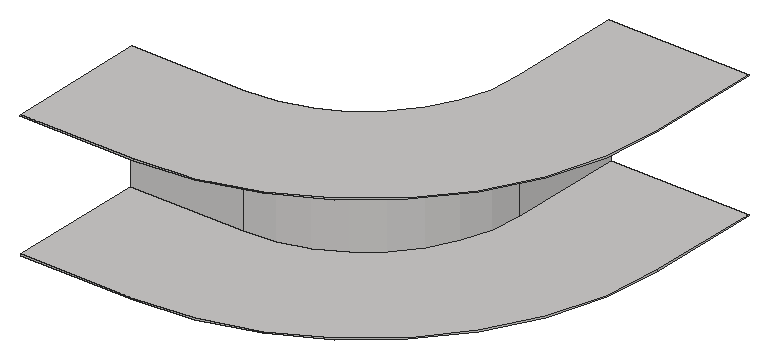
Revit family "S4R_OBO BETTERMANN_CableTray_Bend_Vertical_Outside_RBV F FT", category Cable Tray Fittings, Revit 2012
Parameters
  Wholesaler art.no. = ""
  Wholesaler = ""
  Watermarked By = "www.stabiplan.com"
  WIDTH2 [instance] = WIDTH1  # 100 mm
  WIDTH1 [instance] = 100 mm
  VERSION = "91900"  # constant formula
  URL = "www.stabiplan.com"
  built-in parameter 1140111 [instance] = 1 mm
  TYPE [instance] = "RBV F FT"  # constant formula
  StabiCAD_PM = ""
  Safe_Half_Height2 [instance] = if(not([built-in parameter 1140115] > Half_Height2), [built-in parameter 1140115] - 0.2 mm, Half_Height2)  # 55 mm
  Safe_Half_Height1 [instance] = if(not([built-in parameter 1140115] > Half_Height1), [built-in parameter 1140115] - 0.2 mm, Half_Height1)  # 55 mm
  Manufacturer = "OBO BETTERMANN"  # constant formula
  Lmin [instance] = if(LENGTH1 > LENGTH2, LENGTH2, LENGTH1) - L1_Tail  # 175 mm
  PRODUCTLINE [instance] = "OBO BETTERMANN CableTrays"  # constant formula
  LENGTH2 [instance] = if(and(WIDTH1 = 50 mm, HEIGHT1 = 60 mm, ANGLE2 = 90.00°), 240 mm, if(and(WIDTH1 = 100 mm, HEIGHT1 = 60 mm, ANGLE2 = 90.00°), 240 mm, if(and(WIDTH1 = 150 mm, HEIGHT1 = 60 mm, ANGLE2 = 90.00°), 240 mm, if(and(WIDTH1 = 200 mm, HEIGHT1 = 60 mm, ANGLE2 = 90.00°), 240 mm, if(and(WIDTH1 = 300 mm, HEIGHT1 = 60 mm, ANGLE2 = 90.00°), 240 mm, if(and(WIDTH1 = 400 mm, HEIGHT1 = 60 mm, ANGLE2 = 90.00°), 240 mm, if(and(WIDTH1 = 500 mm, HEIGHT1 = 60 mm, ANGLE2 = 90.00°), 240 mm, if(and(WIDTH1 = 600 mm, HEIGHT1 = 60 mm, ANGLE2 = 90.00°), 240 mm, if(and(WIDTH1 = 100 mm, HEIGHT1 = 110 mm, ANGLE2 = 90.00°), 265 mm, if(and(WIDTH1 = 150 mm, HEIGHT1 = 110 mm, ANGLE2 = 90.00°), 265 mm, if(and(WIDTH1 = 200 mm, HEIGHT1 = 110 mm, ANGLE2 = 90.00°), 265 mm, if(and(WIDTH1 = 300 mm, HEIGHT1 = 110 mm, ANGLE2 = 90.00°), 265 mm, if(and(WIDTH1 = 400 mm, HEIGHT1 = 110 mm, ANGLE2 = 90.00°), 265 mm, if(and(WIDTH1 = 500 mm, HEIGHT1 = 110 mm, ANGLE2 = 90.00°), 265 mm, if(and(WIDTH1 = 600 mm, HEIGHT1 = 110 mm, ANGLE2 = 90.00°), 265 mm, if(and(WIDTH1 = 100 mm, HEIGHT1 = 85 mm, ANGLE2 = 90.00°), 252.5 mm, if(and(WIDTH1 = 150 mm, HEIGHT1 = 85 mm, ANGLE2 = 90.00°), 252.5 mm, if(and(WIDTH1 = 200 mm, HEIGHT1 = 85 mm, ANGLE2 = 90.00°), 252.5 mm, if(and(WIDTH1 = 300 mm, HEIGHT1 = 85 mm, ANGLE2 = 90.00°), 252.5 mm, if(and(WIDTH1 = 400 mm, HEIGHT1 = 85 mm, ANGLE2 = 90.00°), 252.5 mm, if(and(WIDTH1 = 500 mm, HEIGHT1 = 85 mm, ANGLE2 = 90.00°), 252.5 mm, if(and(WIDTH1 = 600 mm, HEIGHT1 = 85 mm, ANGLE2 = 90.00°), 252.5 mm, WIDTH1))))))))))))))))))))))  # 265 mm
  LENGTH1 [instance] = if(and(WIDTH1 = 50 mm, HEIGHT1 = 60 mm, ANGLE2 = 90.00°), 240 mm, if(and(WIDTH1 = 100 mm, HEIGHT1 = 60 mm, ANGLE2 = 90.00°), 240 mm, if(and(WIDTH1 = 150 mm, HEIGHT1 = 60 mm, ANGLE2 = 90.00°), 240 mm, if(and(WIDTH1 = 200 mm, HEIGHT1 = 60 mm, ANGLE2 = 90.00°), 240 mm, if(and(WIDTH1 = 300 mm, HEIGHT1 = 60 mm, ANGLE2 = 90.00°), 240 mm, if(and(WIDTH1 = 400 mm, HEIGHT1 = 60 mm, ANGLE2 = 90.00°), 240 mm, if(and(WIDTH1 = 500 mm, HEIGHT1 = 60 mm, ANGLE2 = 90.00°), 240 mm, if(and(WIDTH1 = 600 mm, HEIGHT1 = 60 mm, ANGLE2 = 90.00°), 240 mm, if(and(WIDTH1 = 100 mm, HEIGHT1 = 110 mm, ANGLE2 = 90.00°), 265 mm, if(and(WIDTH1 = 150 mm, HEIGHT1 = 110 mm, ANGLE2 = 90.00°), 265 mm, if(and(WIDTH1 = 200 mm, HEIGHT1 = 110 mm, ANGLE2 = 90.00°), 265 mm, if(and(WIDTH1 = 300 mm, HEIGHT1 = 110 mm, ANGLE2 = 90.00°), 265 mm, if(and(WIDTH1 = 400 mm, HEIGHT1 = 110 mm, ANGLE2 = 90.00°), 265 mm, if(and(WIDTH1 = 500 mm, HEIGHT1 = 110 mm, ANGLE2 = 90.00°), 265 mm, if(and(WIDTH1 = 600 mm, HEIGHT1 = 110 mm, ANGLE2 = 90.00°), 265 mm, if(and(WIDTH1 = 100 mm, HEIGHT1 = 85 mm, ANGLE2 = 90.00°), 252.5 mm, if(and(WIDTH1 = 150 mm, HEIGHT1 = 85 mm, ANGLE2 = 90.00°), 252.5 mm, if(and(WIDTH1 = 200 mm, HEIGHT1 = 85 mm, ANGLE2 = 90.00°), 252.5 mm, if(and(WIDTH1 = 300 mm, HEIGHT1 = 85 mm, ANGLE2 = 90.00°), 252.5 mm, if(and(WIDTH1 = 400 mm, HEIGHT1 = 85 mm, ANGLE2 = 90.00°), 252.5 mm, if(and(WIDTH1 = 500 mm, HEIGHT1 = 85 mm, ANGLE2 = 90.00°), 252.5 mm, if(and(WIDTH1 = 600 mm, HEIGHT1 = 85 mm, ANGLE2 = 90.00°), 252.5 mm, WIDTH1))))))))))))))))))))))  # 265 mm
  L2_Tail [instance] = if(ISCUSTOM, 1 mm, 90 mm)  # 90 mm
  L1_Tail [instance] = if(ISCUSTOM, 1 mm, 90 mm)  # 90 mm
  Internal art.no. = ""
  ISCUSTOM [instance] = if(and(WIDTH1 = 50 mm, HEIGHT1 = 60 mm, ANGLE2 = 90.00°), 1 = 0, if(and(WIDTH1 = 100 mm, HEIGHT1 = 60 mm, ANGLE2 = 90.00°), 1 = 0, if(and(WIDTH1 = 150 mm, HEIGHT1 = 60 mm, ANGLE2 = 90.00°), 1 = 0, if(and(WIDTH1 = 200 mm, HEIGHT1 = 60 mm, ANGLE2 = 90.00°), 1 = 0, if(and(WIDTH1 = 300 mm, HEIGHT1 = 60 mm, ANGLE2 = 90.00°), 1 = 0, if(and(WIDTH1 = 400 mm, HEIGHT1 = 60 mm, ANGLE2 = 90.00°), 1 = 0, if(and(WIDTH1 = 500 mm, HEIGHT1 = 60 mm, ANGLE2 = 90.00°), 1 = 0, if(and(WIDTH1 = 600 mm, HEIGHT1 = 60 mm, ANGLE2 = 90.00°), 1 = 0, if(and(WIDTH1 = 100 mm, HEIGHT1 = 110 mm, ANGLE2 = 90.00°), 1 = 0, if(and(WIDTH1 = 150 mm, HEIGHT1 = 110 mm, ANGLE2 = 90.00°), 1 = 0, if(and(WIDTH1 = 200 mm, HEIGHT1 = 110 mm, ANGLE2 = 90.00°), 1 = 0, if(and(WIDTH1 = 300 mm, HEIGHT1 = 110 mm, ANGLE2 = 90.00°), 1 = 0, if(and(WIDTH1 = 400 mm, HEIGHT1 = 110 mm, ANGLE2 = 90.00°), 1 = 0, if(and(WIDTH1 = 500 mm, HEIGHT1 = 110 mm, ANGLE2 = 90.00°), 1 = 0, if(and(WIDTH1 = 600 mm, HEIGHT1 = 110 mm, ANGLE2 = 90.00°), 1 = 0, if(and(WIDTH1 = 100 mm, HEIGHT1 = 85 mm, ANGLE2 = 90.00°), 1 = 0, if(and(WIDTH1 = 150 mm, HEIGHT1 = 85 mm, ANGLE2 = 90.00°), 1 = 0, if(and(WIDTH1 = 200 mm, HEIGHT1 = 85 mm, ANGLE2 = 90.00°), 1 = 0, if(and(WIDTH1 = 300 mm, HEIGHT1 = 85 mm, ANGLE2 = 90.00°), 1 = 0, if(and(WIDTH1 = 400 mm, HEIGHT1 = 85 mm, ANGLE2 = 90.00°), 1 = 0, if(and(WIDTH1 = 500 mm, HEIGHT1 = 85 mm, ANGLE2 = 90.00°), 1 = 0, if(and(WIDTH1 = 600 mm, HEIGHT1 = 85 mm, ANGLE2 = 90.00°), 1 = 0, 1 = 1))))))))))))))))))))))  # no
  IFCExportType = ""
  IFCExportAs = ""
  Half_Height2 [instance] = HEIGHT2 / 2  # 55 mm
  Half_Height1 [instance] = HEIGHT1 / 2  # 55 mm
  HEIGHT2 [instance] = HEIGHT1  # 110 mm
  HEIGHT1 [instance] = 110 mm
  GTINNUMBER [instance] = if(and(WIDTH1 = 50 mm, HEIGHT1 = 60 mm, ANGLE2 = 90.00°), "4012195863281", if(and(WIDTH1 = 100 mm, HEIGHT1 = 60 mm, ANGLE2 = 90.00°), "4012195476818", if(and(WIDTH1 = 150 mm, HEIGHT1 = 60 mm, ANGLE2 = 90.00°), "4012195811022", if(and(WIDTH1 = 200 mm, HEIGHT1 = 60 mm, ANGLE2 = 90.00°), "4012195703785", if(and(WIDTH1 = 300 mm, HEIGHT1 = 60 mm, ANGLE2 = 90.00°), "4012195863298", if(and(WIDTH1 = 400 mm, HEIGHT1 = 60 mm, ANGLE2 = 90.00°), "4012195863304", if(and(WIDTH1 = 500 mm, HEIGHT1 = 60 mm, ANGLE2 = 90.00°), "4012195863311", if(and(WIDTH1 = 600 mm, HEIGHT1 = 60 mm, ANGLE2 = 90.00°), "4012195863328", if(and(WIDTH1 = 100 mm, HEIGHT1 = 110 mm, ANGLE2 = 90.00°), "4012195850922", if(and(WIDTH1 = 150 mm, HEIGHT1 = 110 mm, ANGLE2 = 90.00°), "4012195995630", if(and(WIDTH1 = 200 mm, HEIGHT1 = 110 mm, ANGLE2 = 90.00°), "4012195809210", if(and(WIDTH1 = 300 mm, HEIGHT1 = 110 mm, ANGLE2 = 90.00°), "4012195863649", if(and(WIDTH1 = 400 mm, HEIGHT1 = 110 mm, ANGLE2 = 90.00°), "4012195809227", if(and(WIDTH1 = 500 mm, HEIGHT1 = 110 mm, ANGLE2 = 90.00°), "4012195863687", if(and(WIDTH1 = 600 mm, HEIGHT1 = 110 mm, ANGLE2 = 90.00°), "4012195995647", if(and(WIDTH1 = 100 mm, HEIGHT1 = 85 mm, ANGLE2 = 90.00°), "4012195863410", if(and(WIDTH1 = 150 mm, HEIGHT1 = 85 mm, ANGLE2 = 90.00°), "4012195995722", if(and(WIDTH1 = 200 mm, HEIGHT1 = 85 mm, ANGLE2 = 90.00°), "4012195863427", if(and(WIDTH1 = 300 mm, HEIGHT1 = 85 mm, ANGLE2 = 90.00°), "4012195863434", if(and(WIDTH1 = 400 mm, HEIGHT1 = 85 mm, ANGLE2 = 90.00°), "4012195863441", if(and(WIDTH1 = 500 mm, HEIGHT1 = 85 mm, ANGLE2 = 90.00°), "4012195863458", if(and(WIDTH1 = 600 mm, HEIGHT1 = 85 mm, ANGLE2 = 90.00°), "4012195863465", "Unknown"))))))))))))))))))))))  # "4012195850922"
  ETIM article class = ""
  Description = "Vertical CableTray Bend Outside"
  DEEPLINK = "http://catalog1.obo-bettermann.com/catalogue/catalogue.do?forward=showProductGroup&act=showIO&favOid=kts_356973&action=showManyProducts&lang=de&OID=kts_356973&catId="
  Copyright = "© Stabiplan BV / Stabiplan International BV"  # constant formula
  CT2 [instance] = 1
  CT1 [instance] = 1
  BodyColor = Steel
  built-in parameter 1140115 [instance] = Lmin / tan(ANGLE2 / 2)  # 175 mm
  ARTICLENUMBER [instance] = if(and(WIDTH1 = 50 mm, HEIGHT1 = 60 mm, ANGLE2 = 90.00°), "7007052", if(and(WIDTH1 = 100 mm, HEIGHT1 = 60 mm, ANGLE2 = 90.00°), "7007056", if(and(WIDTH1 = 150 mm, HEIGHT1 = 60 mm, ANGLE2 = 90.00°), "7007060", if(and(WIDTH1 = 200 mm, HEIGHT1 = 60 mm, ANGLE2 = 90.00°), "7007064", if(and(WIDTH1 = 300 mm, HEIGHT1 = 60 mm, ANGLE2 = 90.00°), "7007068", if(and(WIDTH1 = 400 mm, HEIGHT1 = 60 mm, ANGLE2 = 90.00°), "7007072", if(and(WIDTH1 = 500 mm, HEIGHT1 = 60 mm, ANGLE2 = 90.00°), "7007076", if(and(WIDTH1 = 600 mm, HEIGHT1 = 60 mm, ANGLE2 = 90.00°), "7007080", if(and(WIDTH1 = 100 mm, HEIGHT1 = 110 mm, ANGLE2 = 90.00°), "7007468", if(and(WIDTH1 = 150 mm, HEIGHT1 = 110 mm, ANGLE2 = 90.00°), "7007353", if(and(WIDTH1 = 200 mm, HEIGHT1 = 110 mm, ANGLE2 = 90.00°), "7007470", if(and(WIDTH1 = 300 mm, HEIGHT1 = 110 mm, ANGLE2 = 90.00°), "7007359", if(and(WIDTH1 = 400 mm, HEIGHT1 = 110 mm, ANGLE2 = 90.00°), "7007474", if(and(WIDTH1 = 500 mm, HEIGHT1 = 110 mm, ANGLE2 = 90.00°), "7007367", if(and(WIDTH1 = 600 mm, HEIGHT1 = 110 mm, ANGLE2 = 90.00°), "7007374", if(and(WIDTH1 = 100 mm, HEIGHT1 = 85 mm, ANGLE2 = 90.00°), "7007271", if(and(WIDTH1 = 150 mm, HEIGHT1 = 85 mm, ANGLE2 = 90.00°), "7007273", if(and(WIDTH1 = 200 mm, HEIGHT1 = 85 mm, ANGLE2 = 90.00°), "7007275", if(and(WIDTH1 = 300 mm, HEIGHT1 = 85 mm, ANGLE2 = 90.00°), "7007279", if(and(WIDTH1 = 400 mm, HEIGHT1 = 85 mm, ANGLE2 = 90.00°), "7007283", if(and(WIDTH1 = 500 mm, HEIGHT1 = 85 mm, ANGLE2 = 90.00°), "7007287", if(and(WIDTH1 = 600 mm, HEIGHT1 = 85 mm, ANGLE2 = 90.00°), "7007291", "Unknown"))))))))))))))))))))))  # "7007468"
  ARTICLEDESCRIPTION [instance] = "Vertical CableTray Bend Outside"
  ANGLE2 [instance] = 90.00°
Reference planes
  plane 1 "Center (Front/Back)": y = 0
  plane 2: z = 0
  plane 3 "Center (Left/Right)": x = 0
  plane 4: y = 175
  plane 5: x = -175
Forms (mm)
  Sweep 1, solid, material "Steel" <- "BodyColor", detail levels medium
    path in 3D
      loop
        line (-175, 0, 0) -> (-265, 0, 0)
    profile origin (-220, 0, 0) x (0, -1, 0) y (0, 0, 1)
      loop
        line (-55, 50) -> (-55, -50) -> (55, -50) -> (55, 50) -> (-55, 50)
  Sweep 2, solid, material "Steel" <- "BodyColor", detail levels medium
    path in 3D
      loop
        line (0, 175, 0) -> (0, 265, 0)
    profile origin (0, 220, 0) x (-1, 0, 0) y (0, 0, 1)
      loop
        line (55, -50) -> (55, 50) -> (-55, 50) -> (-55, -50) -> (55, -50)
  SweptBlend 3, solid, material "Steel" <- "BodyColor", detail levels medium
    path in 3D
      loop
        arc (-175, 0, 0) -> (-51.256, 51.256, 0) -> (0, 175, 0) r 175
    profile origin (-175, 0, 0) x (0, 1, 0) y (0, 0, 1)
      loop
        line (55, 50) -> (-55, 50) -> (-55, -50) -> (55, -50) -> (55, 50)
    end profile origin (0, 175, 0) x (-1, 0, 0) y (0, 0, 1)
      loop
        line (55, 50) -> (-55, 50) -> (-55, -50) -> (55, -50) -> (55, 50)
  Sweep 4, solid, material "Steel" <- "BodyColor", detail levels fine
    path in 3D
      loop
        line (-175, 0, 0) -> (-265, 0, 0)
    profile origin (-220, 0, 0) x (0, -1, 0) y (0, 0, 1)
      loop
        line (55, 50) -> (-55, 50) -> (-55, -50) -> (55, -50) -> (55, -49) -> (-54, -49) -> (-54, 49) -> (55, 49) -> (55, 50)
  Sweep 5, solid, material "Steel" <- "BodyColor", detail levels fine
    path in 3D
      loop
        line (0, 175, 0) -> (0, 265, 0)
    profile origin (0, 220, 0) x (-1, 0, 0) y (0, 0, 1)
      loop
        line (-55, 50) -> (-55, 49) -> (54, 49) -> (54, -49) -> (-55, -49) -> (-55, -50) -> (55, -50) -> (55, 50) -> (-55, 50)
  SweptBlend 6, solid, material "Steel" <- "BodyColor", detail levels fine
    path in 3D
      loop
        arc (-175, 0, 0) -> (-51.256, 51.256, 0) -> (0, 175, 0) r 175
    profile origin (-175, 0, 0) x (0, 1, 0) y (0, 0, 1)
      loop
        line (-55, 50) -> (-55, 49) -> (54, 49) -> (54, -49) -> (-55, -49) -> (-55, -50) -> (55, -50) -> (55, 50) -> (-55, 50)
    end profile origin (0, 175, 0) x (-1, 0, 0) y (0, 0, 1)
      loop
        line (-55, 50) -> (-55, 49) -> (54, 49) -> (54, -49) -> (-55, -49) -> (-55, -50) -> (55, -50) -> (55, 50) -> (-55, 50)
Cuts and joins
  joined: Sweep 4, Sweep 5, SweptBlend 6
  joined: Sweep 1, Sweep 2, SweptBlend 3
Lines and regions (mm)
  reference lines
    curve 1: line (-175, 175, 0) -> (-175, 0, 0)
    curve 2: line (-175, 0, 0) -> (0, 0, 0)
    curve 3: line (0, 0, 0) -> (0, 175, 0)
    curve 4: line (0, 175, 0) -> (-175, 175, 0)
    curve 5: arc (-175, 0, 0) -> (-51.256, 51.256, 0) -> (0, 175, 0) r 175
    curve 6: line (-175, 0, 0) -> (-265, 0, 0)
    curve 7: line (0, 175, 0) -> (0, 265, 0)
  model lines, style "Coarse", detail levels coarse
    curve 8: line (-175, 0, 0) -> (-265, 0, 0)
    curve 9: arc (-175, 0, 0) -> (-51.256, 51.256, 0) -> (0, 175, 0) r 175
    curve 10: line (0, 175, 0) -> (0, 265, 0)
  sketch lines
    curve 11: line (-175, 0, 0) -> (-265, 0, 0)
    curve 12: line (0, 175, 0) -> (0, 265, 0)
    curve 13: arc (-175, 0, 0) -> (-51.256, 51.256, 0) -> (0, 175, 0) r 175
    curve 14: line (-175, 0, 0) -> (-265, 0, 0)
    curve 15: line (0, 175, 0) -> (0, 265, 0)
    curve 16: arc (-175, 0, 0) -> (-51.256, 51.256, 0) -> (0, 175, 0) r 175
Dimensions and locks
  "Lmin": plane 5 to plane 3 "Center (Left/Right)"
  "built-in parameter 1140115": plane 4 to plane 1 "Center (Front/Back)"
  "built-in parameter 1140115": curve 4 to curve 4
  "built-in parameter 1140115": plane 1 "Center (Front/Back)" to curve 1
  "L1_Tail": curve 6 to curve 6
  "L2_Tail": curve 7 to curve 7
  "L1_Tail": curve 8 to curve 8
  "L2_Tail": curve 10 to curve 10
  equal spacing: Sweep 1 sketch curve, profile plane, Sweep 1 sketch curve  (x2)
  "HEIGHT1": Sweep 1 sketch curve to Sweep 1 sketch curve
  "WIDTH1": Sweep 1 sketch curve to Sweep 1 sketch curve
  equal spacing: Sweep 2 sketch curve, profile plane, Sweep 2 sketch curve  (x2)
  "HEIGHT2": Sweep 2 sketch curve to Sweep 2 sketch curve
  "WIDTH2": Sweep 2 sketch curve to Sweep 2 sketch curve
  equal spacing: SweptBlend 3 sketch curve, profile plane, SweptBlend 3 sketch curve  (x2)
  "WIDTH1": SweptBlend 3 sketch curve to SweptBlend 3 sketch curve
  "WIDTH2": SweptBlend 3 sketch curve to SweptBlend 3 sketch curve
  equal spacing: Sweep 4 sketch curve, profile plane, Sweep 4 sketch curve  (x3)
  "WIDTH1": Sweep 4 sketch curve to Sweep 4 sketch curve
  "HEIGHT1": Sweep 4 sketch curve to Sweep 4 sketch curve
  "built-in parameter 1140111": Sweep 4 sketch curve to Sweep 4 sketch curve  (x3)
  equal spacing: Sweep 5 sketch curve, profile plane, Sweep 5 sketch curve  (x3)
  "HEIGHT2": Sweep 5 sketch curve to Sweep 5 sketch curve
  "WIDTH2": Sweep 5 sketch curve to Sweep 5 sketch curve
  "built-in parameter 1140111": Sweep 5 sketch curve to Sweep 5 sketch curve  (x3)
  "built-in parameter 1140111": SweptBlend 6 sketch curve to SweptBlend 6 sketch curve  (x6)
  equal spacing: SweptBlend 6 sketch curve, profile plane, SweptBlend 6 sketch curve  (x2)
  "WIDTH1": SweptBlend 6 sketch curve to SweptBlend 6 sketch curve
  "WIDTH2": SweptBlend 6 sketch curve to SweptBlend 6 sketch curve
  "Half_Height1": SweptBlend 6 sketch curve to profile plane  (x2)
  "Safe_Half_Height1": profile plane to SweptBlend 6 sketch curve
  "Half_Height2": profile plane to SweptBlend 6 sketch curve  (x2)
  "Safe_Half_Height2": SweptBlend 6 sketch curve to profile plane
  "Safe_Half_Height2": SweptBlend 3 sketch curve to profile plane
  "Half_Height2": profile plane to SweptBlend 3 sketch curve
  "Safe_Half_Height1": profile plane to SweptBlend 3 sketch curve
  "Half_Height1": SweptBlend 3 sketch curve to profile plane
  "built-in parameter 1140115": radius of curve 5
  "ANGLE2": angle plane 5 to curve 4
  locked: curve 7 to curve 4 (angle 90.00°)
  "ANGLE2": angle curve 9 to curve 9
  locked: curve 10 to curve 4 (angle 90.00°)
  aligned and locked: level to plane 2
  aligned and locked: plane 1 "Center (Front/Back)" to curve 2  (x2)
  aligned and locked: plane 3 "Center (Left/Right)" to curve 2
  aligned and locked: curve 1 to plane 5
  aligned and locked: curve 9 to curve 5
Connectors
  cabletrayconduit at (-265, 0, 0), driven by "WIDTH1", driven by "HEIGHT1", driven by "ANGLE2"
    settings: on Sweep 1, index 1, connector width 110 mm, connector height 100 mm, connector radius 300 mm, connector angle 90.00°, system type 32, placement type 0, profile type 1, connector reference index 2, is primary connector yes, connector utility param no, connector description ""
  cabletrayconduit at (0, 265, 0), driven by "ANGLE2", driven by "WIDTH2", driven by "HEIGHT2"
    settings: on Sweep 2, index 2, connector width 110 mm, connector height 100 mm, connector radius 300 mm, connector angle 90.00°, system type 32, placement type 0, profile type 1, connector reference index 1, is primary connector no, connector utility param no, connector description ""
